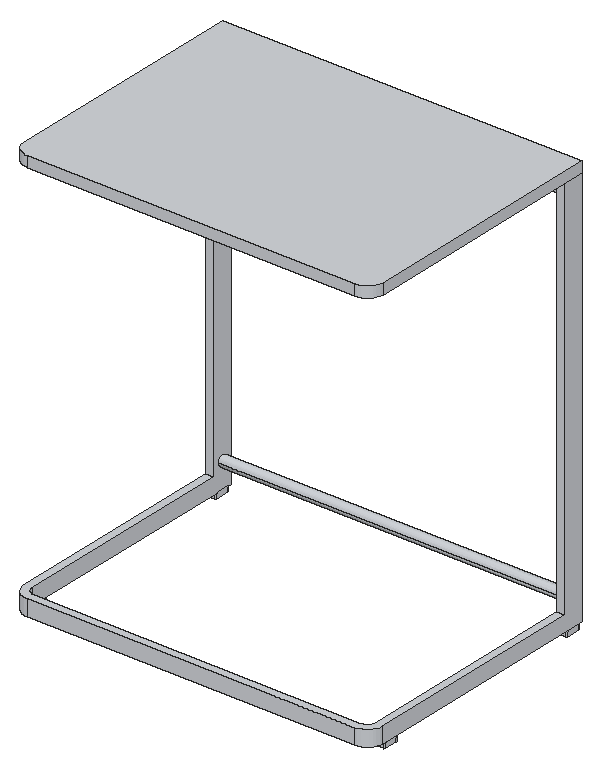
Revit family "Keilhauer_Pact_Low Table_77401", category Furniture, Revit 2017
Family settings
  OmniClass Number = 23.40.70.14.64.11
  OmniClass Title = Office Furniture
  Work Plane-Based = No
  Always vertical = Yes
  Cut with Voids When Loaded = No
  Shared = No
  Room Calculation Point = No
Parameters (values of type "Low Table Laminate top")
  Type = 2
  Steel Top = Type = 1  # no
  Laminate Top = Type = 2  # yes
  Base [instance] = none
  Glides [instance] = none
  URL = "http://www.keilhauer.com/"
  Product Documentation Link = "http://www.keilhauer.com/"
  Model = "77401"
  Manufacturer = "Keilhauer, Corp."  # constant formula
  Description = "Small nesting table with laminate top"
  Copyright © = "© 2021 Keilhauer, Corp."  # constant formula
  Catalog = "Pact"  # constant formula
  Table Top [instance] = none
  Authoring Version = "Autodesk Revit 2015"  # constant formula
  Assembly Code = "E2020200"
Types (2): name | Type | Steel Top | Laminate Top | Model | Description
  Low Table Laminate top | 2 | no | yes | "77401" | "Small nesting table with laminate top"
  Low Table Metal top | 1 | yes | no | "77400" | "Small nesting table with metal top"
Reference planes (in)
  plane 1 "Center (Front/Back)": y = 0
  plane 2: z = 0
  plane 3 "Center (Left/Right)": x = 0
  plane 4 "Top": z = 19.313
  plane 5 "Base": z = 0.25
  plane 6: x = 8.31399
  plane 7: x = -8.31399
Forms (in)
  Extrusion 1, solid, material <- "Table Top", visible <- "Steel Top"
    sketch origin (0, 0, 19.313) x (0, 1, 0) y (-1, 0, 0)
      loop
        line (6.53846, 8.50298) -> (-5.21154, 8.50298)
        arc (-5.21154, 8.50298) -> (-5.74187, 8.28331) -> (-5.96154, 7.75298) r 0.75
        line (-5.96154, 7.75298) -> (-5.96154, -7.75298)
        arc (-5.96154, -7.75298) -> (-5.74187, -8.28331) -> (-5.21154, -8.50298) r 0.75
        line (-5.21154, -8.50298) -> (6.53846, -8.50298) -> (6.53846, 8.50298)
    from 0 to 0.1575
  Blend 2, solid, material <- "Table Top", visible <- "Steel Top"
    base sketch origin (0, 0, 19.313) x (0, 1, 0) y (-1, 0, 0)
      loop
        line (6.53846, 8.50298) -> (-5.21154, 8.50298)
        arc (-5.21154, 8.50298) -> (-5.74187, 8.28331) -> (-5.96154, 7.75298) r 0.75
        line (-5.96154, 7.75298) -> (-5.96154, -7.75298)
        arc (-5.96154, -7.75298) -> (-5.74187, -8.28331) -> (-5.21154, -8.50298) r 0.75
        line (-5.21154, -8.50298) -> (6.53846, -8.50298) -> (6.53846, 8.50298)
    top sketch origin (0, 0, 19.313) x (0, 1, 0) y (-1, 0, 0)
      loop
        line (6.50846, 8.47298) -> (-5.21154, 8.47298)
        arc (-5.21154, 8.47298) -> (-5.72066, 8.2621) -> (-5.93154, 7.75298) r 0.72
        line (-5.93154, 7.75298) -> (-5.93154, -7.75298)
        arc (-5.93154, -7.75298) -> (-5.72066, -8.2621) -> (-5.21154, -8.47298) r 0.72
        line (-5.21154, -8.47298) -> (6.50846, -8.47298) -> (6.50846, 8.47298)
    from 0.1575 to 0.1875
  Extrusion 3, solid, material <- "Base"
    sketch origin (8.31399, 5.53647, 47.24409) x (0, -1, 0) y (0, 0, 1)
      loop
        line (-0.6875, -28.68109) -> (-0.3125, -28.68109) -> (-0.3125, -27.93109) -> (-0.6875, -27.93109) -> (-0.6875, -28.68109)
      loop
        circle (-0.5, -45.7439) r 0.25
    from 0 to 16.62798
  Extrusion 4, solid, material <- "Base"
    sketch origin (-10.25149, -60, 0.25) x (-1, 0, 0) y (0, -1, 0)
      loop
        line (-1.74851, -66.53647) -> (-1.74851, -65.53647) -> (-2.12202, -65.53647) -> (-2.12202, -66.53647) -> (-1.74851, -66.53647)
      loop
        line (-18.37798, -66.53647) -> (-18.37798, -65.53647) -> (-18.75447, -65.53647) -> (-18.75447, -66.53647) -> (-18.37798, -66.53647)
    from 0 to 19.063
  Sweep 5, solid, material <- "Base"
    path origin (0, 0, 19.313) x (0, 1, 0) y (-1, 0, 0)
      loop
        line (6.01233, 6.12947) -> (-1.65203, 6.12947)
        arc (-1.65203, 6.12947) -> (-2.18236, 5.9098) -> (-2.40203, 5.37947) r 0.75
        line (-2.40203, 5.37947) -> (-2.40203, -5.37947)
        arc (-2.40203, -5.37947) -> (-2.18236, -5.9098) -> (-1.65203, -6.12947) r 0.75
        line (-1.65203, -6.12947) -> (6.01233, -6.12947)
    profile origin (-6.12947, 2.18015, 19.313) x (1, 0, 0) y (0, 0, 1)
      loop
        line (0.375, -0.75) -> (0.375, 0) -> (0, 0) -> (0, -0.75) -> (0.375, -0.75)
  Sweep 6, solid, material <- "Base"
    path origin (-10.25149, -60.824, 0.25) x (-1, 0, 0) y (0, -1, 0)
      loop
        line (-18.38096, -66.86029) -> (-18.38096, -55.60547)
        arc (-18.38096, -55.60547) -> (-18.27259, -55.34384) -> (-18.01096, -55.23547) r 0.37
        line (-18.01096, -55.23547) -> (-2.49202, -55.23547)
        arc (-2.49202, -55.23547) -> (-2.23039, -55.34384) -> (-2.12202, -55.60547) r 0.37
        line (-2.12202, -55.60547) -> (-2.12202, -66.86029)
    profile origin (-8.12947, 0.40888, 0.25) x (-1, 0, 0) y (0, 0, 1)
      loop
        line (0, 0.75) -> (0, 0) -> (0.375, 0) -> (0.375, 0.75) -> (0, 0.75)
  Extrusion 7, solid, material <- "Glides"
    sketch origin (0, 0, 0) x (1, 0, 0) y (0, 1, 0)
      loop
        arc (-8.44298, 6.41022) -> (-8.48541, 6.39265) -> (-8.50298, 6.35022) r 0.06
        line (-8.50298, 6.35022) -> (-8.50298, 5.72236)
        arc (-8.50298, 5.72236) -> (-8.48541, 5.67994) -> (-8.44298, 5.66236) r 0.06
        line (-8.44298, 5.66236) -> (-8.18947, 5.66236)
        arc (-8.18947, 5.66236) -> (-8.14704, 5.67994) -> (-8.12947, 5.72236) r 0.06
        line (-8.12947, 5.72236) -> (-8.12947, 6.35022)
        arc (-8.12947, 6.35022) -> (-8.14704, 6.39265) -> (-8.18947, 6.41022) r 0.06
        line (-8.18947, 6.41022) -> (-8.44298, 6.41022)
      loop
        line (-8.44298, -5.13465) -> (-8.18947, -5.13465)
        arc (-8.18947, -5.13465) -> (-8.14704, -5.11707) -> (-8.12947, -5.07465) r 0.06
        line (-8.12947, -5.07465) -> (-8.12947, -4.44679)
        arc (-8.12947, -4.44679) -> (-8.14704, -4.40436) -> (-8.18947, -4.38679) r 0.06
        line (-8.18947, -4.38679) -> (-8.44298, -4.38679)
        arc (-8.44298, -4.38679) -> (-8.48541, -4.40436) -> (-8.50298, -4.44679) r 0.06
        line (-8.50298, -4.44679) -> (-8.50298, -5.07465)
        arc (-8.50298, -5.07465) -> (-8.48541, -5.11707) -> (-8.44298, -5.13465) r 0.06
      loop
        line (8.44298, 6.41022) -> (8.18947, 6.41022)
        arc (8.18947, 6.41022) -> (8.14704, 6.39265) -> (8.12947, 6.35022) r 0.06
        line (8.12947, 6.35022) -> (8.12947, 5.72236)
        arc (8.12947, 5.72236) -> (8.14704, 5.67994) -> (8.18947, 5.66236) r 0.06
        line (8.18947, 5.66236) -> (8.44298, 5.66236)
        arc (8.44298, 5.66236) -> (8.48541, 5.67994) -> (8.50298, 5.72236) r 0.06
        line (8.50298, 5.72236) -> (8.50298, 6.35022)
        arc (8.50298, 6.35022) -> (8.48541, 6.39265) -> (8.44298, 6.41022) r 0.06
      loop
        arc (8.44298, -5.13465) -> (8.48541, -5.11707) -> (8.50298, -5.07465) r 0.06
        line (8.50298, -5.07465) -> (8.50298, -4.44679)
        arc (8.50298, -4.44679) -> (8.48541, -4.40436) -> (8.44298, -4.38679) r 0.06
        line (8.44298, -4.38679) -> (8.18947, -4.38679)
        arc (8.18947, -4.38679) -> (8.14704, -4.40436) -> (8.12947, -4.44679) r 0.06
        line (8.12947, -4.44679) -> (8.12947, -5.07465)
        arc (8.12947, -5.07465) -> (8.14704, -5.11707) -> (8.18947, -5.13465) r 0.06
        line (8.18947, -5.13465) -> (8.44298, -5.13465)
    from 0 to 0.25
  Extrusion 8, solid, material <- "Table Top", visible <- "Laminate Top"
    sketch origin (0, 0, 19.313) x (0, 1, 0) y (-1, 0, 0)
      loop
        line (6.53846, 8.50298) -> (-5.21154, 8.50298)
        arc (-5.21154, 8.50298) -> (-5.74187, 8.28331) -> (-5.96154, 7.75298) r 0.75
        line (-5.96154, 7.75298) -> (-5.96154, -7.75298)
        arc (-5.96154, -7.75298) -> (-5.74187, -8.28331) -> (-5.21154, -8.50298) r 0.75
        line (-5.21154, -8.50298) -> (6.53846, -8.50298) -> (6.53846, 8.50298)
    from 0 to 0.5
Cuts and joins
  joined: Extrusion 1, Blend 2
  joined: Extrusion 3, Extrusion 4, Sweep 5, Sweep 6
Lines and regions (in)
  Masking region 1
    outline origin (0, 0, 0) x (1, 0, 0) y (0, 1, 0)
      loop
        line (-8.50298, 6.53846) -> (-8.50298, -5.21154)
        arc (-8.50298, -5.21154) -> (-8.28331, -5.74187) -> (-7.75298, -5.96154) r 0.75
        line (-7.75298, -5.96154) -> (7.75298, -5.96154)
        arc (7.75298, -5.96154) -> (8.28331, -5.74187) -> (8.50298, -5.21154) r 0.75
        line (8.50298, -5.21154) -> (8.50298, 6.53846) -> (-8.50298, 6.53846)
Dimensions and locks (in)
  equal spacing: plane 7, plane 3 "Center (Left/Right)", plane 6, locked at 8.31399 each
  radius of Masking region 1 sketch curve = 0.750"  (x2)
  radius of Extrusion 8 sketch curve = 0.750"  (x2)
  aligned and locked: nested 1 to plane 3 "Center (Left/Right)"
  aligned and locked: plane 1 "Center (Front/Back)" to nested 1
  aligned and locked: Extrusion 1 to plane 4 "Top"
  aligned and locked: Extrusion 3 to plane 7
  aligned and locked: Extrusion 3 to plane 6
  aligned and locked: plane 4 "Top" to Extrusion 4
  aligned and locked: Extrusion 4 to plane 5 "Base"
  aligned and locked: plane 4 "Top" to Sweep 5 sketch curve
  aligned and locked: profile plane to Sweep 5 sketch curve
  aligned and locked: plane 5 "Base" to Sweep 6 sketch curve
  aligned and locked: plane 2 to Extrusion 7
  aligned and locked: plane 5 "Base" to Extrusion 7
  aligned and locked: Masking region 1 sketch curve to cut or joined group of Extrusion 1, Blend 2  (x4)
  aligned and locked: Extrusion 8 sketch curve to cut or joined group of Extrusion 1, Blend 2  (x4)
Automatic sketch dimensions
  plane 7 to Extrusion 1 sketch curve = 0.56101"
  plane 1 "Center (Front/Back)" to Extrusion 1 sketch curve = 5.96154"
  Extrusion 1 sketch curve to plane 6 = 0.18899"
  Extrusion 1 sketch curve to Extrusion 1 sketch curve = 0.750"  (x2)
  Extrusion 1 sketch curve to plane 1 "Center (Front/Back)" = 6.53846"
  plane 7 to Blend 2 sketch curve = 0.56101"
  plane 1 "Center (Front/Back)" to Blend 2 sketch curve = 5.96154"
  plane 6 to Blend 2 sketch curve = 0.56101"  (x2)
  Blend 2 sketch curve to Blend 2 sketch curve = 0.750"
  Blend 2 sketch curve to plane 7 = 0.18899"
  Blend 2 sketch curve to plane 1 "Center (Front/Back)" = 6.53846"
  plane 1 "Center (Front/Back)" to Blend 2 sketch curve = 5.93154"
  Blend 2 sketch curve to plane 6 = 0.15899"
  Blend 2 sketch curve to Blend 2 sketch curve = 0.720"
  Blend 2 sketch curve to plane 7 = 0.15899"
  Blend 2 sketch curve to plane 1 "Center (Front/Back)" = 6.50846"
  Extrusion 3 sketch curve to plane 4 "Top" = 0.000"
  Extrusion 3 sketch curve to plane 1 "Center (Front/Back)" = 6.22397"
  plane 5 "Base" to Extrusion 3 sketch curve = 1.25019"
  Extrusion 3 sketch curve to plane 1 "Center (Front/Back)" = 6.03647"
  Extrusion 3 sketch curve to Extrusion 3 sketch curve = 0.375"
  Extrusion 3 sketch curve to Extrusion 3 sketch curve = 0.750"
  Extrusion 4 sketch curve to plane 6 = 0.18899"
  plane 6 to Extrusion 4 sketch curve = 0.1875"
  plane 7 to Extrusion 4 sketch curve = 0.18452"
  Extrusion 4 sketch curve to plane 7 = 0.18899"
  Extrusion 4 sketch curve to plane 1 "Center (Front/Back)" = 6.53647"  (x2)
  Extrusion 4 sketch curve to Extrusion 4 sketch curve = 1.000"  (x2)
  plane 1 "Center (Front/Back)" to Sweep 5 sketch curve = 2.40203"
  Sweep 5 sketch curve to Sweep 5 sketch curve = 0.750"  (x3)
  plane 6 to Sweep 5 sketch curve = 2.18452"
  plane 7 to Sweep 5 sketch curve = 2.93452"
  Sweep 5 sketch curve to plane 1 "Center (Front/Back)" = 6.01233"  (x2)
  Sweep 5 sketch curve to profile plane = 0.375"
  Sweep 6 sketch curve to profile plane = 0.000"
  Sweep 6 sketch curve to Sweep 6 sketch curve = 0.375"
  plane 5 "Base" to Sweep 6 sketch curve = 0.750"
  Extrusion 7 sketch curve to plane 7 = 0.18899"  (x2)
  Extrusion 7 sketch curve to Extrusion 7 sketch curve = 0.060"  (x12)
  plane 7 to Extrusion 7 sketch curve = 0.12452"  (x4)
  plane 6 to Extrusion 7 sketch curve = 0.18452"  (x2)
  Extrusion 7 sketch curve to plane 6 = 0.12899"  (x4)
  plane 1 "Center (Front/Back)" to Extrusion 7 sketch curve = 5.13465"  (x2)
  Extrusion 7 sketch curve to Extrusion 7 sketch curve = 0.62786"  (x4)
  Extrusion 7 sketch curve to plane 1 "Center (Front/Back)" = 5.66236"  (x2)
  plane 6 to Sweep 6 sketch curve = 0.18452"
  Sweep 6 sketch curve to Sweep 6 sketch curve = 0.370"
  plane 7 to Sweep 6 sketch curve = 0.55452"
  plane 7 to Sweep 6 sketch curve = 0.18452"
  plane 1 "Center (Front/Back)" to Sweep 6 sketch curve = 5.21853"
  Sweep 6 sketch curve to plane 1 "Center (Front/Back)" = 6.03629"  (x2)
  radius of Extrusion 3 sketch curve = 0.250"
Nested families (in)
  nested 1: "Furniture_Tag" at (0, 0, 0), type "Center", detail levels fine
    with Offset (LR) 0.000"
Definition of nested family "Furniture_Tag"
  Parameters
    P_Width = 0.000"
    Text_Width = "Empty"
    Text_Height = "Empty"
    Text_Diameter = "Empty"
    Text_Depth = "Empty"
    Offset (LR) [instance] = 0.000"
    Model Name = "Type Catalog"
    P_Height = 0.000"
    Distance of Center (not Change) = 0.000"
    P_Diameter = 0.000"
    P_Depth = 0.000"
  Reference planes (in)
    plane 1: y = 0
    plane 2: x = 0
  Lines and regions (in)
    reference lines
      curve 1: line (-0.44359, 0, 0) -> (0.41085, 0, 0)
      curve 3: line (0, 0.32564, 0) -> (0, -0.40221, 0)
    reference lines, not visible
      curve 2: line (-0.44359, 0.09843, 0) -> (0.41085, 0.09843, 0)
      curve 4: line (0, 0.42407, 0) -> (0, -0.30379, 0)
  Text (in)
    label "Empty" at (0.00197, -0.0079, 0), shows "Model Name"
    label "Empty" at (0.00197, 0.09052, 0), shows "Model Name", not visible
  Dimensions and locks (in)
    "Distance of Center (not Change)": plane 1 to curve 1
    "Offset (LR)": curve 3 to plane 2
  Automatic sketch dimensions
    curve 1 to curve 3 = 0.44359"
    curve 3 to curve 1 = 0.41085"
    curve 3 to curve 1 = 0.40221"
    curve 1 to curve 3 = 0.32564"
    curve 2 to curve 4 = 0.44359"
    curve 4 to curve 2 = 0.41085"
    curve 4 to curve 2 = 0.40221"
    curve 2 to curve 4 = 0.32564"
